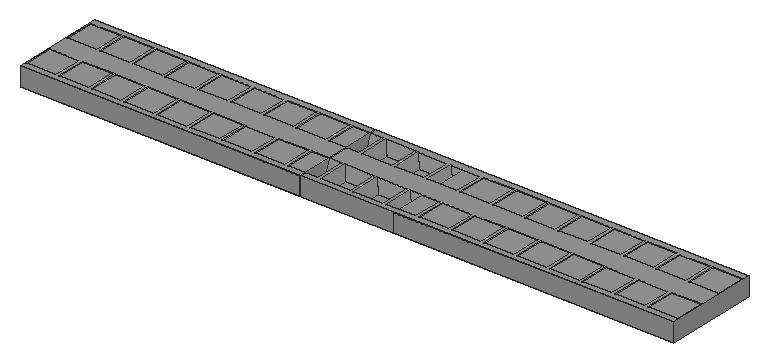
Revit family "2023777", category Lighting Fixtures, host Face, Revit 2018 (continued)
Automatic sketch dimensions
  plane 12 to Extrusion 66 sketch curve = 10.5 mm
  Extrusion 66 sketch curve to plane 6 = 23.5 mm
  plane 50 to Extrusion 67 sketch curve = 10.5 mm
  Extrusion 67 sketch curve to plane 14 = 10.5 mm
  plane 12 to Extrusion 67 sketch curve = 10.5 mm
  Extrusion 67 sketch curve to plane 6 = 23.5 mm
  plane 15 to Extrusion 68 sketch curve = 10.5 mm
  Extrusion 68 sketch curve to plane 16 = 10.5 mm
  plane 12 to Extrusion 68 sketch curve = 10.5 mm
  Extrusion 68 sketch curve to plane 6 = 23.5 mm
  plane 17 to Extrusion 69 sketch curve = 10.5 mm
  Extrusion 69 sketch curve to plane 18 = 10.5 mm
  plane 12 to Extrusion 69 sketch curve = 10.5 mm
  Extrusion 69 sketch curve to plane 6 = 23.5 mm
  plane 19 to Extrusion 70 sketch curve = 10.5 mm
  Extrusion 70 sketch curve to plane 20 = 10.5 mm
  plane 12 to Extrusion 70 sketch curve = 10.5 mm
  Extrusion 70 sketch curve to plane 6 = 23.5 mm
  plane 21 to Extrusion 71 sketch curve = 10.5 mm
  Extrusion 71 sketch curve to plane 22 = 10.5 mm
  plane 12 to Extrusion 71 sketch curve = 10.5 mm
  Extrusion 71 sketch curve to plane 6 = 23.5 mm
  plane 23 to Extrusion 72 sketch curve = 10.5 mm
  Extrusion 72 sketch curve to plane 24 = 10.5 mm
  plane 12 to Extrusion 72 sketch curve = 10.5 mm
  Extrusion 72 sketch curve to plane 6 = 23.5 mm
  plane 31 to Extrusion 73 sketch curve = 10.5 mm
  Extrusion 73 sketch curve to plane 32 = 10.5 mm
  plane 12 to Extrusion 73 sketch curve = 10.5 mm
  Extrusion 73 sketch curve to plane 6 = 23.5 mm
  plane 33 to Extrusion 74 sketch curve = 10.5 mm
  Extrusion 74 sketch curve to plane 34 = 10.5 mm
  plane 12 to Extrusion 74 sketch curve = 10.5 mm
  Extrusion 74 sketch curve to plane 6 = 23.5 mm
  plane 35 to Extrusion 75 sketch curve = 10.5 mm
  Extrusion 75 sketch curve to plane 36 = 10.5 mm
  plane 12 to Extrusion 75 sketch curve = 10.5 mm
  Extrusion 75 sketch curve to plane 6 = 23.5 mm
  plane 37 to Extrusion 76 sketch curve = 10.5 mm
  Extrusion 76 sketch curve to plane 38 = 10.5 mm
  plane 12 to Extrusion 76 sketch curve = 10.5 mm
  Extrusion 76 sketch curve to plane 6 = 23.5 mm
  plane 39 to Extrusion 77 sketch curve = 10.5 mm
  Extrusion 77 sketch curve to plane 40 = 10.5 mm
  plane 12 to Extrusion 77 sketch curve = 10.5 mm
  Extrusion 77 sketch curve to plane 6 = 23.5 mm
  plane 41 to Extrusion 78 sketch curve = 10.5 mm
  Extrusion 78 sketch curve to plane 42 = 10.5 mm
  plane 12 to Extrusion 78 sketch curve = 10.5 mm
  Extrusion 78 sketch curve to plane 6 = 23.5 mm
  plane 43 to Extrusion 79 sketch curve = 10.5 mm
  Extrusion 79 sketch curve to plane 44 = 10.5 mm
  plane 12 to Extrusion 79 sketch curve = 10.5 mm
  Extrusion 79 sketch curve to plane 6 = 23.5 mm
  plane 45 to Extrusion 80 sketch curve = 10.5 mm
  Extrusion 80 sketch curve to plane 46 = 10.5 mm
  plane 12 to Extrusion 80 sketch curve = 10.5 mm
  Extrusion 80 sketch curve to plane 6 = 23.5 mm
  plane 47 to Extrusion 81 sketch curve = 10.5 mm
  Extrusion 81 sketch curve to plane 48 = 10.5 mm
  plane 12 to Extrusion 81 sketch curve = 10.5 mm
  Extrusion 81 sketch curve to plane 6 = 23.5 mm
  plane 49 to Extrusion 82 sketch curve = 10.5 mm
  Extrusion 82 sketch curve to plane 51 = 10.509 mm
  plane 12 to Extrusion 82 sketch curve = 10.5 mm
  Extrusion 82 sketch curve to plane 6 = 23.5 mm
  plane 25 to Extrusion 83 sketch curve = 10.5 mm
  Extrusion 83 sketch curve to plane 26 = 10.5 mm
  plane 12 to Extrusion 83 sketch curve = 10.5 mm
  Extrusion 83 sketch curve to plane 6 = 23.5 mm
  plane 27 to Extrusion 84 sketch curve = 10.5 mm
  Extrusion 84 sketch curve to plane 28 = 10.5 mm
  plane 12 to Extrusion 84 sketch curve = 10.5 mm
  Extrusion 84 sketch curve to plane 6 = 23.5 mm
  plane 29 to Extrusion 85 sketch curve = 10.5 mm
  Extrusion 85 sketch curve to plane 30 = 10.5 mm
  plane 12 to Extrusion 85 sketch curve = 10.5 mm
  Extrusion 85 sketch curve to plane 6 = 23.5 mm
  Extrusion 86 sketch curve to plane 4 = 0 mm
  Extrusion 86 sketch curve to plane 5 = 0 mm
  Extrusion 86 sketch curve to plane 7 = 0 mm
  Extrusion 86 sketch curve to plane 6 = 0 mm
Connectors
  electrical at (0, 0, 0), driven by "Apparent Load", driven by "PowerFactor", driven by "Voltage"
    settings: index 1, voltage 0 V, apparent load 41 VA, apparent load phase1 0 VA, apparent load phase2 0 VA, apparent load phase3 0 VA, power factor 0, load classification "Lighting", number of poles 1, system type 30, power factor state 1, is connector primary yes, connector utility no, sub classification motor no, connector description ""
